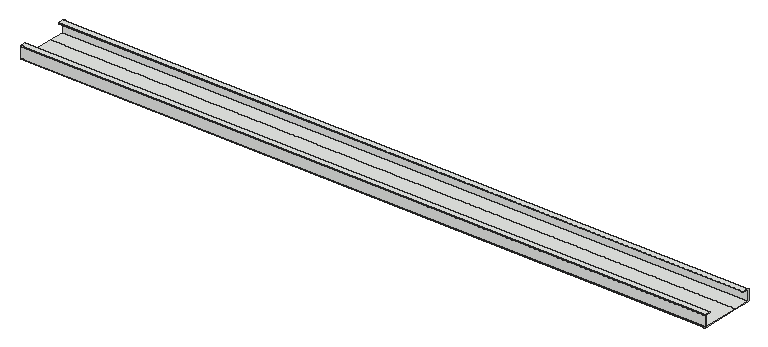
Revit family "profiles PR627 2015", category Generic Models, Revit 2015
Parameters (values of type "ISOLAMIN PR627 flashing")
  Profile Length [instance] = 1180 mm
Reference planes
  plane 1 "Center (Front/Back)": y = 0
  plane 2: z = 0
  plane 3 "Center (Left/Right)": x = 0
  plane 4: x = 1180
Forms (mm)
  Extrusion 1, solid, material "ISOLAMIN Surface Material"
    sketch origin (0, 23.777, -29.834) x (0, 1, 0) y (0, 0, 1)
      loop
        arc (-23.654, 48.777) -> (-23.947, 49.484) -> (-24.654, 49.777) r 1
        line (-24.654, 49.777) -> (-33.654, 49.777) -> (-33.654, 48.777) -> (-24.654, 48.777) -> (-24.654, 30.777) -> (-49.913, 30.777) -> (-114.654, 30.777) -> (-114.654, 48.777) -> (-105.654, 48.777) -> (-105.654, 49.777) -> (-114.654, 49.777)
        arc (-114.654, 49.777) -> (-115.361, 49.484) -> (-115.654, 48.777) r 1
        line (-115.654, 48.777) -> (-115.654, 30.777)
        arc (-115.654, 30.777) -> (-115.361, 30.069) -> (-114.654, 29.777) r 1
        line (-114.654, 29.777) -> (-49.913, 29.777) -> (-24.654, 29.777)
        arc (-24.654, 29.777) -> (-23.947, 30.069) -> (-23.654, 30.777) r 1
        line (-23.654, 30.777) -> (-23.654, 48.777)
    from 0 to 1180
Dimensions and locks
  "Profile Length": plane 3 "Center (Left/Right)" to plane 4
  level to Extrusion 1 = 19.943 mm
  aligned and locked: level to plane 2
  aligned and locked: plane 4 to Extrusion 1
Automatic sketch dimensions
  plane 1 "Center (Front/Back)" to Extrusion 1 sketch curve = 0.876 mm
  Extrusion 1 sketch curve to Extrusion 1 sketch curve = 1 mm
  level to Extrusion 1 sketch curve = 0.943 mm
  Extrusion 1 sketch curve to Extrusion 1 sketch curve = 18 mm  (x2)
  Extrusion 1 sketch curve to Extrusion 1 sketch curve = 25.26 mm
  Extrusion 1 sketch curve to Extrusion 1 sketch curve = 0 mm  (x9)
  Extrusion 1 sketch curve to Extrusion 1 sketch curve = 9 mm  (x2)
  Extrusion 1 sketch curve to Extrusion 1 sketch curve = 64.74 mm
